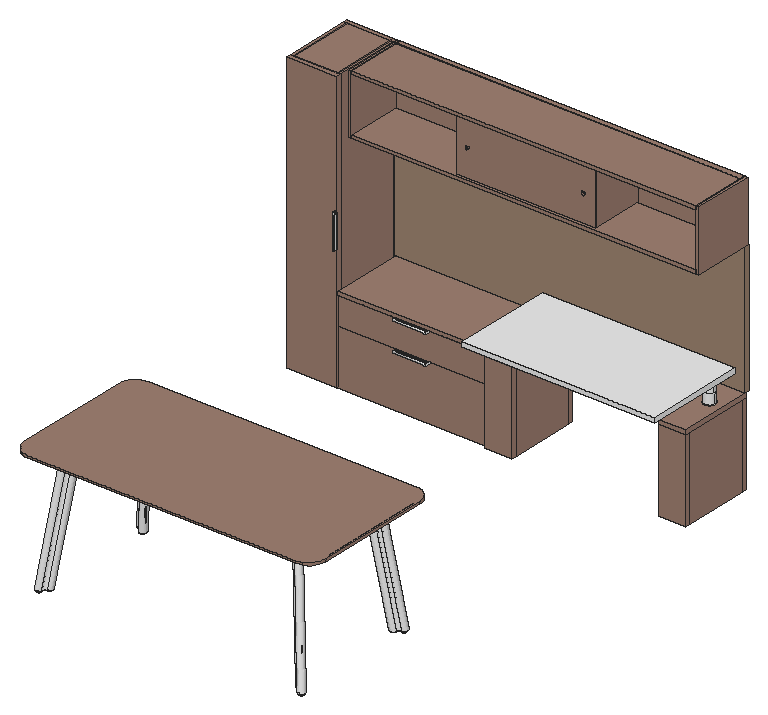
Revit family "T100232", category Furniture, Revit 2022 (continued)
Definition of nested family "APTOS GLASS OVERLAY RUNOFF WORKSURFACE SOFT RECTANGLE"
  Lines and regions (in)
    sketch lines, not visible
      curve 3: arc (22.62975, -37.36982, 28.375) -> (28.98005, -33.82121, 28.375) -> (31.5, -26.99707, 28.375) r 10.5
      curve 4: arc (-23.17031, -40.51945, 28.375) -> (-0.20159, -39.94352, 28.375) -> (22.62975, -37.36982, 28.375) r 263.61908
      curve 5: arc (22.62975, -10.63018, 28.375) -> (0.1679, -8.08215, 28.375) -> (-22.42966, -7.46787, 28.375) r 263.61908
      curve 6: line (106.84636, -47.69309, 28.375) -> (106.84636, -53.68601, 28.375)
      curve 7: arc (97.79227, -64.08598, 28.375) -> (104.26571, -60.5805, 28.375) -> (106.84636, -53.68601, 28.375) r 10.5
      curve 8: arc (46.69724, -67.1817, 28.375) -> (72.30487, -66.62599, 28.375) -> (97.79227, -64.08598, 28.375) r 330.02122
      curve 9: arc (106.84636, -47.69309, 28.375) -> (104.26571, -40.7986, 28.375) -> (97.79227, -37.29312, 28.375) r 10.5
      curve 10: arc (97.79227, -37.29312, 28.375) -> (72.5868, -34.77032, 28.375) -> (47.26208, -34.18821, 28.375) r 330.02122
      curve 11: arc (135.73717, -57.18439, 28.375) -> (135.76071, -54.02445, 28.375) -> (135.73748, -50.8645, 28.375) r 213.55536
      curve 12: arc (126.5252, -67.44936, 28.375) -> (133.05294, -64.0415, 28.375) -> (135.73717, -57.18439, 28.375) r 10.5
      curve 13: arc (69.33402, -70.5286, 28.375) -> (97.98281, -69.97704, 28.375) -> (126.5252, -67.44936, 28.375) r 414.8885
      curve 14: arc (135.73748, -50.8645, 28.375) -> (133.05575, -44.00919, 28.375) -> (126.53198, -40.59932, 28.375) r 10.5
      curve 15: arc (126.53198, -40.59932, 28.375) -> (98.23858, -38.08002, 28.375) -> (69.83862, -37.52779, 28.375) r 409.58402
      curve 16: arc (132.2734, -56.37243, 28.375) -> (132.7025, -49.4803, 28.375) -> (132.2734, -42.58817, 28.375) r 55.56567
      curve 17: arc (123.06173, -65.50042, 28.375) -> (129.24515, -62.52847, 28.375) -> (132.2734, -56.37243, 28.375) r 10.5
      curve 18: arc (132.2734, -42.58817, 28.375) -> (129.24515, -36.43212, 28.375) -> (123.06173, -33.46017, 28.375) r 10.5
      curve 19: arc (66.5813, -68.97006, 28.375) -> (94.86826, -67.99616, 28.375) -> (123.06173, -65.50042, 28.375) r 525.40977
      curve 20: arc (123.06173, -33.46017, 28.375) -> (95.10843, -30.97924, 28.375) -> (67.06254, -29.99435, 28.375) r 525.40977
    sketch lines
      curve 21: line (35, -40.5, 28.375) -> (-27.5, -40.5, 28.375)
      curve 22: arc (35, -40.5, 28.375) -> (36.76777, -39.76777, 28.375) -> (37.5, -38, 28.375) r 2.5
      curve 23: line (37.5, -10, 28.375) -> (37.5, -38, 28.375)
      curve 24: arc (37.5, -10, 28.375) -> (36.76777, -8.23223, 28.375) -> (35, -7.5, 28.375) r 2.5
      curve 25: line (-27.5, -7.5, 28.375) -> (35, -7.5, 28.375)
  Dimensions and locks (in)
    "Height": plane 7 "Height Top" to plane 8
    "Bottom Board Offset": plane 8 to level
    "Depth": plane 5 "Front End" to plane 1 "Back End"
    equal spacing: plane 4 "Left End", plane 3 "Center Left/Right", plane 6 "Right End"
    "Width": plane 4 "Left End" to plane 6 "Right End"
    equal spacing: plane 5 "Front End", plane 9 "Center Front/Back", plane 1 "Back End"
    plane 7 "Height Top" to plane 10 to plane 8 = 0' - 0 9/16", 0' - 1 1/8"
    locked: plane 4 "Left End" to plane 11 at 11.5
    aligned and locked: level to plane 2
    aligned and locked: plane 1 "Back End" to Extrusion 15 sketch curve
    aligned and locked: Extrusion 15 sketch curve to plane 4 "Left End"
    aligned and locked: Extrusion 15 sketch curve to plane 5 "Front End"
    aligned and locked: plane 6 "Right End" to Extrusion 15 sketch curve
    aligned and locked: plane 7 "Height Top" to Extrusion 15
    aligned and locked: Extrusion 15 to plane 10
    aligned and locked: plane 10 to Extrusion 16
    aligned and locked: Extrusion 16 to plane 8
  Automatic sketch dimensions
    Extrusion 1 sketch curve to Extrusion 1 sketch curve = 0' - 0"  (x7)
    Extrusion 1 sketch curve to Extrusion 1 sketch curve = 0' - 8.99297"
    Extrusion 2 sketch curve to Extrusion 2 sketch curve = 0' - 0"  (x3)
    Extrusion 2 sketch curve to Extrusion 2 sketch curve = 0' - 1.62975"  (x2)
    Sweep 3 sketch curve to profile plane = 0' - 0 3/4"  (x2)
    Sweep 3 sketch curve to profile plane = 0' - 0"
    profile plane to Sweep 3 sketch curve = 0' - 0"
    Extrusion 1 sketch curve to Extrusion 1 sketch curve = 5' - 5.81498"
    Extrusion 1 sketch curve to Extrusion 1 sketch curve = 0' - 8.7985"
    Extrusion 1 sketch curve to Extrusion 1 sketch curve = 0' - 0.19448"  (x2)
    Extrusion 1 sketch curve to Extrusion 1 sketch curve = 0' - 5.72878"  (x2)
    Extrusion 1 sketch curve to Extrusion 1 sketch curve = 1' - 0"
    Extrusion 1 sketch curve to Extrusion 1 sketch curve = 0' - 1.86257"  (x2)
    Extrusion 1 sketch curve to Extrusion 1 sketch curve = 14' - 2.87494"
    Extrusion 2 sketch curve to Extrusion 2 sketch curve = 4' - 4.95747"
    Extrusion 2 sketch curve to Extrusion 2 sketch curve = 0' - 3.16978"  (x2)
    Extrusion 2 sketch curve to Extrusion 2 sketch curve = 0' - 10 1/2"
    Extrusion 2 sketch curve to Extrusion 2 sketch curve = 0' - 5.99415"
    Extrusion 4 sketch curve to Extrusion 4 sketch curve = 0' - 0"  (x7)
    Extrusion 4 sketch curve to Extrusion 4 sketch curve = 0' - 8.99303"  (x2)
    Extrusion 4 sketch curve to Extrusion 4 sketch curve = 1' - 0"
    Extrusion 4 sketch curve to Extrusion 4 sketch curve = 0' - 1.65247"  (x2)
    Extrusion 4 sketch curve to Extrusion 4 sketch curve = 0' - 8.80143"
    Extrusion 5 sketch curve to Extrusion 5 sketch curve = 0' - 10 1/2"
    Extrusion 5 sketch curve to Extrusion 5 sketch curve = 0' - 0"  (x3)
    Extrusion 5 sketch curve to Extrusion 5 sketch curve = 0' - 1.44592"  (x2)
    Sweep 6 sketch curve to profile plane = 0' - 0"  (x2)
    Sweep 6 sketch curve to profile plane = 0' - 0 3/4"  (x2)
    Extrusion 4 sketch curve to Extrusion 4 sketch curve = 4' - 11.85903"
    Extrusion 4 sketch curve to Extrusion 4 sketch curve = 0' - 0.1916"
    Extrusion 4 sketch curve to Extrusion 4 sketch curve = 0' - 7.05754"  (x2)
    Extrusion 4 sketch curve to Extrusion 4 sketch curve = 13' - 8.83242"
    Extrusion 5 sketch curve to Extrusion 5 sketch curve = 4' - 11"
    Extrusion 5 sketch curve to Extrusion 5 sketch curve = 0' - 4.49993"  (x2)
    Extrusion 5 sketch curve to Extrusion 5 sketch curve = 0' - 5.99293"
    Extrusion 7 sketch curve to Extrusion 7 sketch curve = 0' - 0"  (x9)
    Extrusion 7 sketch curve to Extrusion 7 sketch curve = 0' - 7.93727"  (x2)
    Extrusion 7 sketch curve to Extrusion 7 sketch curve = 0' - 0.04992"  (x2)
    Extrusion 7 sketch curve to Extrusion 7 sketch curve = 0' - 7.47874"
    Extrusion 7 sketch curve to Extrusion 7 sketch curve = 3' - 7.34724"
    Extrusion 8 sketch curve to Extrusion 8 sketch curve = 0' - 4.79406"
    Extrusion 8 sketch curve to Extrusion 8 sketch curve = 0' - 0"  (x5)
    Extrusion 8 sketch curve to Extrusion 8 sketch curve = 0' - 1.33603"  (x2)
    Extrusion 7 sketch curve to Extrusion 7 sketch curve = 0' - 5.28992"
    Extrusion 7 sketch curve to Extrusion 7 sketch curve = 0' - 2.69727"
    Extrusion 7 sketch curve to Extrusion 7 sketch curve = 0' - 1.52689"  (x2)
    Extrusion 7 sketch curve to Extrusion 7 sketch curve = 0' - 11.90152"  (x2)
    Extrusion 7 sketch curve to Extrusion 7 sketch curve = 3' - 4.43555"
    Extrusion 8 sketch curve to Extrusion 8 sketch curve = 0' - 5 85/256"  (x2)
    Extrusion 8 sketch curve to Extrusion 8 sketch curve = 3' - 7.34724"
    Extrusion 8 sketch curve to Extrusion 8 sketch curve = 0' - 10.41383"  (x2)
    Extrusion 8 sketch curve to Extrusion 8 sketch curve = 3' - 2.94175"
    Extrusion 9 sketch curve to Extrusion 9 sketch curve = 0' - 0"  (x8)
    Extrusion 9 sketch curve to Extrusion 9 sketch curve = 0' - 0.06589"
    Extrusion 9 sketch curve to Extrusion 9 sketch curve = 0' - 8.81974"
    Extrusion 9 sketch curve to Extrusion 9 sketch curve = 0' - 8.82937"
    Extrusion 9 sketch curve to Extrusion 9 sketch curve = 0' - 0.15949"
    Extrusion 9 sketch curve to Extrusion 9 sketch curve = 0' - 1.4707"
    Extrusion 9 sketch curve to Extrusion 9 sketch curve = 0' - 0.17204"
    Extrusion 9 sketch curve to Extrusion 9 sketch curve = 4' - 8.78088"
    Extrusion 9 sketch curve to Extrusion 9 sketch curve = 0' - 0.00029"
    Extrusion 9 sketch curve to Extrusion 9 sketch curve = 0' - 1.47812"
    Extrusion 10 sketch curve to Extrusion 10 sketch curve = 0' - 0.00029"
    Extrusion 10 sketch curve to Extrusion 10 sketch curve = 0' - 1.28687"
    Extrusion 10 sketch curve to Extrusion 10 sketch curve = 0' - 1.29336"
    Extrusion 10 sketch curve to Extrusion 10 sketch curve = 0' - 0"  (x4)
    Extrusion 10 sketch curve to Extrusion 10 sketch curve = 0' - 10.49884"
    Extrusion 10 sketch curve to Extrusion 10 sketch curve = 0' - 0.0003"
    Sweep 11 sketch curve to profile plane = 0' - 0 3/4"
    Sweep 11 sketch curve to profile plane = 0' - 0"
    profile plane to Sweep 11 sketch curve = 0' - 0"
    Sweep 11 sketch curve to Sweep 11 sketch curve = 0' - 0 3/4"
    Extrusion 9 sketch curve to Extrusion 9 sketch curve = 11' - 5.19735"
    Extrusion 9 sketch curve to Extrusion 9 sketch curve = 0' - 7.45461"
    Extrusion 9 sketch curve to Extrusion 9 sketch curve = 0' - 7.7827"
    Extrusion 9 sketch curve to Extrusion 9 sketch curve = 0' - 11.99868"
    Extrusion 9 sketch curve to Extrusion 9 sketch curve = 0' - 0.00031"
    Extrusion 10 sketch curve to Extrusion 10 sketch curve = 12' - 4.55537"
    Extrusion 10 sketch curve to Extrusion 10 sketch curve = 0' - 4.91633"
    Extrusion 10 sketch curve to Extrusion 10 sketch curve = 0' - 5.31995"
    Extrusion 10 sketch curve to Extrusion 10 sketch curve = 4' - 6.47762"
    Extrusion 10 sketch curve to Extrusion 10 sketch curve = 2' - 9.03318"
    Extrusion 12 sketch curve to Extrusion 12 sketch curve = 0' - 0"  (x8)
    Extrusion 12 sketch curve to Extrusion 12 sketch curve = 0' - 7.9294"  (x2)
    Extrusion 12 sketch curve to Extrusion 12 sketch curve = 0' - 0.03722"  (x2)
    Extrusion 12 sketch curve to Extrusion 12 sketch curve = 0' - 1.3797"  (x2)
    Extrusion 12 sketch curve to Extrusion 12 sketch curve = 0' - 11.90733"  (x2)
    Extrusion 12 sketch curve to Extrusion 12 sketch curve = 1' - 0.0702"
    Extrusion 12 sketch curve to Extrusion 12 sketch curve = 3' - 8.71766"
    Extrusion 13 sketch curve to Extrusion 13 sketch curve = 0' - 9.41371"
    Extrusion 13 sketch curve to Extrusion 13 sketch curve = 0' - 0"  (x5)
    Extrusion 13 sketch curve to Extrusion 13 sketch curve = 0' - 1.20724"  (x2)
    Extrusion 13 sketch curve to Extrusion 13 sketch curve = 0' - 10.41892"  (x2)
    Extrusion 13 sketch curve to Extrusion 13 sketch curve = 1' - 7.47998"
    Sweep 14 sketch curve to profile plane = 0' - 0 3/4"
    Sweep 14 sketch curve to profile plane = 0' - 0"
    profile plane to Sweep 14 sketch curve = 0' - 0"
    profile plane to Sweep 14 sketch curve = 0' - 0 3/4"
    Extrusion 12 sketch curve to Extrusion 12 sketch curve = 1' - 7.9996"
    Extrusion 12 sketch curve to Extrusion 12 sketch curve = 0' - 2.4512"  (x2)
    Extrusion 12 sketch curve to Extrusion 12 sketch curve = 2' - 4.49889"
    Extrusion 13 sketch curve to Extrusion 13 sketch curve = 0' - 5.07049"  (x2)
    Extrusion 13 sketch curve to Extrusion 13 sketch curve = 3' - 8.71766"
    plane 5 "Front End" to Extrusion 15 sketch curve = 0' - 4"  (x2)
    plane 4 "Left End" to Extrusion 15 sketch curve = 0' - 4"
    plane 6 "Right End" to Extrusion 15 sketch curve = 0' - 4"
    plane 5 "Front End" to Extrusion 16 sketch curve = 0' - 1 1/2"
    plane 1 "Back End" to Extrusion 16 sketch curve = 0' - 1 1/2"
    plane 6 "Right End" to Extrusion 16 sketch curve = 0' - 4"  (x2)
    plane 6 "Right End" to Extrusion 16 sketch curve = 0' - 1 1/2"
    Extrusion 16 sketch curve to plane 11 = 0' - 0"
    Sweep 17 sketch curve to profile plane = 0' - 0 3/4"  (x2)
    Sweep 17 sketch curve to profile plane = 0' - 0"
    profile plane to Sweep 17 sketch curve = 0' - 0"
Definition of nested family "APTOS 18D LOW HEIGHT MODULAR CABINET TOP"
  Parameters (values of type "APTOS 18D LOW HEIGHT MODULAR CABINET TOP 30" Width")
    Width = 2' - 6"
    URL = "http://ofsbrands.com"
    Table Material = none
    Depth = 1' - 6"
    Model = "34-L3018MCT"
    Manufacturer = "OFS"
    Height = 0' - 0 3/4"
    Description = "OFS BRANDS OFS APTOS 18D LOW HEIGHT MODULAR CABINET TOP 30\" Width, 0.75\" thick with Square Profile on User Side"
    Default Elevation = 0' - 0"
    Copyright © = "© OFS BRANDS 2017"
    Catalog = "APTOS http://ofsbrands.com/products/casegoods/private-office/aptos"
    Bottom Board Offset = 1' - 9 1/2"
    Authoring Version = "Autodesk Revit Architecture 2013"
    Assembly Code = "E2020200"
  Types (13): name | Width | Model | Description
    (no name) | 2' - 6" | "34-L3018MCT" | "OFS BRANDS OFS APTOS 18D LOW HEIGHT MODULAR CABINET TOP 30\" Width, 0.75\" thick with Square Profile on User Side"
    APTOS 18D LOW HEIGHT MODULAR CABINET TOP 30" Width | 2' - 6" | "34-L3018MCT" | "OFS BRANDS OFS APTOS 18D LOW HEIGHT MODULAR CABINET TOP 30\" Width, 0.75\" thick with Square Profile on User Side"
    APTOS 18D LOW HEIGHT MODULAR CABINET TOP 36" Width | 3' - 0" | "34-L3618MCT" | "OFS BRANDS OFS APTOS 18D LOW HEIGHT MODULAR CABINET TOP 36\" Width, 0.75\" thick with Square Profile on User Side"
    APTOS 18D LOW HEIGHT MODULAR CABINET TOP 42" Width | 3' - 6" | "34-L4218MCT" | "OFS BRANDS OFS APTOS 18D LOW HEIGHT MODULAR CABINET TOP 42\" Width, 0.75\" thick with Square Profile on User Side"
    APTOS 18D LOW HEIGHT MODULAR CABINET TOP 48" Width | 4' - 0" | "34-L4818MCT" | "OFS BRANDS OFS APTOS 18D LOW HEIGHT MODULAR CABINET TOP 48\" Width, 0.75\" thick with Square Profile on User Side"
    APTOS 18D LOW HEIGHT MODULAR CABINET TOP 54" Width | 4' - 6" | "34-L5418MCT" | "OFS BRANDS OFS APTOS 18D LOW HEIGHT MODULAR CABINET TOP 54\" Width, 0.75\" thick with Square Profile on User Side"
    APTOS 18D LOW HEIGHT MODULAR CABINET TOP 60" Width | 5' - 0" | "34-L6018MCT" | "OFS BRANDS OFS APTOS 18D LOW HEIGHT MODULAR CABINET TOP 60\" Width, 0.75\" thick with Square Profile on User Side"
    APTOS 18D LOW HEIGHT MODULAR CABINET TOP 66" Width | 5' - 6" | "34-L6618MCT" | "OFS BRANDS OFS APTOS 18D LOW HEIGHT MODULAR CABINET TOP 66\" Width, 0.75\" thick with Square Profile on User Side"
    APTOS 18D LOW HEIGHT MODULAR CABINET TOP 72" Width | 6' - 0" | "34-L7218MCT" | "OFS BRANDS OFS APTOS 18D LOW HEIGHT MODULAR CABINET TOP 72\" Width, 0.75\" thick with Square Profile on User Side"
    APTOS 18D LOW HEIGHT MODULAR CABINET TOP 78" Width | 6' - 6" | "34-L7818MCT" | "OFS BRANDS OFS APTOS 18D LOW HEIGHT MODULAR CABINET TOP 78\" Width, 0.75\" thick with Square Profile on User Side"
    APTOS 18D LOW HEIGHT MODULAR CABINET TOP 84" Width | 7' - 0" | "34-L8418MCT" | "OFS BRANDS OFS APTOS 18D LOW HEIGHT MODULAR CABINET TOP 84\" Width, 0.75\" thick with Square Profile on User Side"
    APTOS 18D LOW HEIGHT MODULAR CABINET TOP 90" Width | 7' - 6" | "34-L9018MCT" | "OFS BRANDS OFS APTOS 18D LOW HEIGHT MODULAR CABINET TOP 90\" Width, 0.75\" thick with Square Profile on User Side"
    APTOS 18D LOW HEIGHT MODULAR CABINET TOP 96" Width | 8' - 0" | "34-L9618MCT" | "OFS BRANDS OFS APTOS 18D LOW HEIGHT MODULAR CABINET TOP 96\" Width, 0.75\" thick with Square Profile on User Side"
  Reference planes (in)
    plane 1 "Back End": y = -15
    plane 2: z = 0
    plane 3 "Center Left/Right": x = 0
    plane 4 "Left End": x = -15
    plane 5 "Front End": y = -33
    plane 6 "Right End": x = 15
    plane 7 "Height Top": z = 22.25
    plane 8: z = 21.5
    plane 9 "Center Front/Back": y = -24
  Forms (in)
    Extrusion 1, solid, material <- "Table Material"
      sketch origin (0, 0, 0) x (1, 0, 0) y (0, 1, 0)
        loop
          line (-15, -15) -> (-15, -33) -> (15, -33) -> (15, -15) -> (-15, -15)
      from 21.5 to 22.25
  Dimensions and locks (in)
    "Height": plane 7 "Height Top" to plane 8
    "Bottom Board Offset": plane 8 to level
    "Depth": plane 5 "Front End" to plane 1 "Back End"
    equal spacing: plane 4 "Left End", plane 3 "Center Left/Right", plane 6 "Right End"
    "Width": plane 4 "Left End" to plane 6 "Right End"
    equal spacing: plane 5 "Front End", plane 9 "Center Front/Back", plane 1 "Back End"
    aligned and locked: level to plane 2
    aligned and locked: plane 1 "Back End" to Extrusion 1 sketch curve
    aligned and locked: Extrusion 1 sketch curve to plane 4 "Left End"
    aligned and locked: plane 5 "Front End" to Extrusion 1 sketch curve
    aligned and locked: plane 6 "Right End" to Extrusion 1 sketch curve
    aligned and locked: plane 7 "Height Top" to Extrusion 1
    aligned and locked: Extrusion 1 to plane 8
Definition of nested family "APTOS LOW HEIGHT MODULAR PEDESTAL BOX-FILE 18IN Depth"
  Parameters (values of type "APTOS LOW HEIGHT MODULAR PEDESTAL BOX/FILE 36"")
    Width = 3' - 0"
    URL = "http://ofsbrands.com"
    Shelf Height = 1' - 1 3/16"
    Handle Lengh = 0' - 8"
    Drawer Gap = 0' - 0 1/8"
    Door Handle Material = none
    Default Elevation = 0' - 0"
    Board Thick Door = 0' - 1 1/8"
    Depth = 1' - 4 5/8"
    Board Material = none
    Model = "34-L3618MPD8"
    Manufacturer = "OFS"
    Leg Caps Material = none
    Leg Offset = 0' - 2"
    Height = 1' - 9 1/2"
    Description = "OFS BRANDS OFS APTOS APTOS LOW HEIGHT MODULAR PEDESTAL BOX/FILE 36\" One Box Drawer, One Lateral File Drawer"
    Copyright © = "© OFS BRANDS 2017"
    Catalog = "APTOS http://ofsbrands.com/products/casegoods/private-office/aptos"
    Bottom Board Offset = 0' - 1 1/2"
    Board Thick Top and Bot = 0' - 1"
    Board Thick Shelfs = 0' - 1"
    Board Thick Sides = 0' - 0 3/4"
    Board Thick Front = 0' - 0 3/4"
    Board Thick Back = 0' - 0 3/4"
    Authoring Version = "Autodesk Revit Architecture 2013"
    Assembly Code = "E2020200"
  Types (3): name | Width | Model | Description
    (no name) | 3' - 0" | "34-L3618MPD8" | "OFS BRANDS OFS APTOS APTOS LOW HEIGHT MODULAR PEDESTAL BOX/FILE 36\" One Box Drawer, One Lateral File Drawer"
    APTOS LOW HEIGHT MODULAR PEDESTAL BOX/FILE 30" | 2' - 6" | "34-L3018MPD8" | "OFS BRANDS OFS APTOS APTOS LOW HEIGHT MODULAR PEDESTAL BOX/FILE 30\" One Box Drawer, One Lateral File Drawer"
    APTOS LOW HEIGHT MODULAR PEDESTAL BOX/FILE 36" | 3' - 0" | "34-L3618MPD8" | "OFS BRANDS OFS APTOS APTOS LOW HEIGHT MODULAR PEDESTAL BOX/FILE 36\" One Box Drawer, One Lateral File Drawer"
  Reference planes (in)
    plane 1 "Center Front/Back": y = 0
    plane 2: z = 0
    plane 3 "Center Left/Right": x = 0
    plane 4 "Left End": x = -18
    plane 5 "Front End": y = -15.5
    plane 6 "Right End": x = 18
    plane 7 "Back End": y = 0
    plane 8 "Height Top": z = 21.5
    plane 9: x = -17.25
    plane 10: x = 17.25
    plane 11: z = 14.6875
    plane 12: z = 15.6875
    plane 13: z = 1.5
    plane 14: z = 2.5
    plane 15: y = -14.75
    plane 16: y = -2
    plane 17: y = -2
    plane 18: y = -13.5
    plane 19: y = -13.5
    plane 20: x = -16
    plane 21: x = 16
    plane 22: x = 16
    plane 23: x = -16
    plane 24: y = -16.625
    plane 25: z = 14.8125
    plane 26: x = -4
    plane 27: x = 4
    plane 28: y = -0.75
  Forms (in)
    Extrusion 1, solid, material <- "Board Material"
      sketch origin (0, 0, 0) x (1, 0, 0) y (0, 1, 0)
        loop
          line (-18, 0) -> (-18, -15.5) -> (-17.25, -15.5) -> (-17.25, 0) -> (-18, 0)
      from 1.5 to 21.5
    Extrusion 2, solid, material <- "Board Material"
      sketch origin (0, 0, 0) x (-1, 0, 0) y (0, -1, 0)
        loop
          line (-18, 0) -> (-17.25, 0) -> (-17.25, 15.5) -> (-18, 15.5) -> (-18, 0)
      from 1.5 to 21.5
    Extrusion 3, solid, material <- "Board Material"
      sketch origin (0, 0, 0) x (1, 0, 0) y (0, 1, 0)
        loop
          line (-17.25, 0) -> (-17.25, -15.5) -> (17.25, -15.5) -> (17.25, 0) -> (-17.25, 0)
      from 1.5 to 2.5
    Revolve 4, solid, material <- "Leg Caps Material"
      sketch origin (0, -2, 0) x (-1, 0, 0) y (0, 0, 1)
        loop
          line (15, 0.28743) -> (15.5, 0.28743)
          arc (15.5, 0.28743) -> (15.35629, 0.14371) -> (15.5, 0) r 0.14371
          line (15.5, 0) -> (16, 0) -> (16, 1.5) -> (15, 1.5) -> (15, 0.28743)
        axis (16, 1.5) -> (16, 0)
      angle from 0 to 360
    Revolve 5, solid, material <- "Leg Caps Material"
      sketch origin (0, -2, 0) x (1, 0, 0) y (0, 0, -1)
        loop
          line (15, -0.28743) -> (15, -1.5) -> (16, -1.5) -> (16, 0) -> (15.5, 0)
          arc (15.5, 0) -> (15.35629, -0.14371) -> (15.5, -0.28743) r 0.14371
          line (15.5, -0.28743) -> (15, -0.28743)
        axis (16, -1.5) -> (16, 0)
      angle from 0 to 360
    Revolve 6, solid, material <- "Leg Caps Material"
      sketch origin (0, -13.5, 0) x (-1, 0, 0) y (0, 0, -1)
        loop
          line (15, -0.28743) -> (15, -1.5) -> (16, -1.5) -> (16, 0) -> (15.5, 0)
          arc (15.5, 0) -> (15.35629, -0.14371) -> (15.5, -0.28743) r 0.14371
          line (15.5, -0.28743) -> (15, -0.28743)
        axis (16, -1.5) -> (16, 0)
      angle from 0 to 360
    Revolve 7, solid, material <- "Leg Caps Material"
      sketch origin (0, -13.5, 0) x (1, 0, 0) y (0, 0, 1)
        loop
          line (15, 0.28743) -> (15.5, 0.28743)
          arc (15.5, 0.28743) -> (15.35629, 0.14371) -> (15.5, 0) r 0.14371
          line (15.5, 0) -> (16, 0) -> (16, 1.5) -> (15, 1.5) -> (15, 0.28743)
        axis (16, 1.5) -> (16, 0)
      angle from 0 to 360
    Extrusion 8, solid, material <- "Board Material"
      sketch origin (0, 27.875, 0) x (1, 0, 0) y (0, 1, 0)
        loop
          line (-17.25, -27.875) -> (-17.25, -28.625) -> (17.25, -28.625) -> (17.25, -27.875) -> (-17.25, -27.875)
      from 2.5 to 21.5
    Extrusion 9, solid, material <- "Board Material"
      sketch origin (0, 0, 0) x (1, 0, 0) y (0, 1, 0)
        loop
          line (18, -15.5) -> (-18, -15.5) -> (-18, -16.625) -> (18, -16.625) -> (18, -15.5)
      from 1.5 to 14.6875
    Extrusion 10, solid, material <- "Board Material"
      sketch origin (0, 0, 0) x (1, 0, 0) y (0, 1, 0)
        loop
          line (18, -15.5) -> (-18, -15.5) -> (-18, -16.625) -> (18, -16.625) -> (18, -15.5)
      from 14.8125 to 21.5
    Extrusion 11, solid, material <- "Door Handle Material"
      sketch origin (0, 7.01942, -2.70267) x (0, 1, 0) y (0, 0, 1)
        loop
          arc (-24.44863, 17.3872) -> (-24.63506, 17.20076) -> (-24.44863, 17.01433) r 0.18644
          arc (-24.44863, 17.01433) -> (-24.36853, 17.01913) -> (-24.28958, 17.03348) r 0.66994
          arc (-24.28958, 17.03348) -> (-24.06675, 17.06125) -> (-23.84329, 17.03915) r 1.01098
          arc (-23.84329, 17.03915) -> (-23.74439, 17.02301) -> (-23.64442, 17.01609) r 1.08212
          line (-23.64442, 17.01609) -> (-23.64442, 17.39017)
          arc (-23.64442, 17.39017) -> (-23.74475, 17.37561) -> (-23.84329, 17.35174) r 1.08374
          arc (-23.84329, 17.35174) -> (-24.06697, 17.32316) -> (-24.28958, 17.35914) r 0.78757
          arc (-24.28958, 17.35914) -> (-24.36779, 17.38063) -> (-24.44863, 17.3872) r 0.43385
      from -4 to 4
    Extrusion 12, solid, material <- "Door Handle Material"
      sketch origin (0, 7.01942, 4.85983) x (0, 1, 0) y (0, 0, 1)
        loop
          arc (-24.44863, 16.6372) -> (-24.63506, 16.45076) -> (-24.44863, 16.26433) r 0.18644
          arc (-24.44863, 16.26433) -> (-24.36853, 16.26913) -> (-24.28958, 16.28348) r 0.66994
          arc (-24.28958, 16.28348) -> (-24.06675, 16.31125) -> (-23.84329, 16.28915) r 1.01098
          arc (-23.84329, 16.28915) -> (-23.74439, 16.27301) -> (-23.64442, 16.26609) r 1.08212
          line (-23.64442, 16.26609) -> (-23.64442, 16.64017)
          arc (-23.64442, 16.64017) -> (-23.74475, 16.62561) -> (-23.84329, 16.60174) r 1.08374
          arc (-23.84329, 16.60174) -> (-24.06697, 16.57316) -> (-24.28958, 16.60914) r 0.78757
          arc (-24.28958, 16.60914) -> (-24.36779, 16.63063) -> (-24.44863, 16.6372) r 0.43385
      from -4 to 4
  Dimensions and locks (in)
    equal spacing: plane 4 "Left End", plane 3 "Center Left/Right", plane 6 "Right End"
    "Width": plane 4 "Left End" to plane 6 "Right End"
    "Height": plane 8 "Height Top" to level
    "Board Thick Sides": plane 4 "Left End" to plane 9
    "Board Thick Sides": plane 10 to plane 6 "Right End"
    "Board Thick Shelfs": plane 12 to plane 11
    "Board Thick Top and Bot": plane 14 to plane 13
    "Bottom Board Offset": plane 13 to level
    "Board Thick Front": plane 15 to plane 5 "Front End"
    "Leg Offset": plane 18 to plane 5 "Front End"
    "Leg Offset": plane 19 to plane 5 "Front End"
    "Leg Offset": plane 16 to plane 7 "Back End"
    "Leg Offset": plane 17 to plane 7 "Back End"
    "Leg Offset": plane 4 "Left End" to plane 20
    "Leg Offset": plane 21 to plane 6 "Right End"
    "Leg Offset": plane 22 to plane 6 "Right End"
    "Leg Offset": plane 4 "Left End" to plane 23
    "Board Thick Door": plane 24 to plane 5 "Front End"
    "Shelf Height": plane 12 to plane 14
    "Drawer Gap": plane 25 to plane 11
    "Handle Lengh": plane 26 to plane 27
    "Board Thick Back": plane 28 to plane 1 "Center Front/Back"
    "Depth": plane 24 to plane 1 "Center Front/Back"
    equal spacing: plane 26, plane 3 "Center Left/Right", plane 27
    aligned and locked: level to plane 2
    aligned and locked: plane 5 "Front End" to Extrusion 1 sketch curve
    aligned and locked: plane 4 "Left End" to Extrusion 1 sketch curve
    aligned and locked: Extrusion 1 sketch curve to plane 9
    aligned and locked: Extrusion 2 to plane 5 "Front End"
    aligned and locked: plane 10 to Extrusion 2
    aligned and locked: Extrusion 2 to plane 6 "Right End"
    aligned and locked: plane 13 to Extrusion 2
    aligned and locked: plane 10 to Extrusion 3 sketch curve
    aligned and locked: plane 9 to Extrusion 3 sketch curve
    aligned and locked: plane 17 to Revolve 4
    aligned and locked: Revolve 5 to plane 16
    aligned and locked: plane 19 to Revolve 7
    aligned and locked: Revolve 6 to plane 18
    aligned and locked: Extrusion 3 to plane 14
    aligned and locked: Extrusion 3 to plane 13
    aligned and locked: Extrusion 9 to plane 13
    aligned and locked: Extrusion 9 to plane 6 "Right End"
    aligned and locked: Extrusion 10 to plane 6 "Right End"
    aligned and locked: Extrusion 9 to plane 11
    aligned and locked: Extrusion 10 to plane 25
    aligned and locked: Extrusion 11 to plane 27
    aligned and locked: Extrusion 11 to plane 26
    aligned and locked: Extrusion 8 to plane 28
    aligned and locked: Extrusion 8 to plane 1 "Center Front/Back"
    aligned and locked: Extrusion 1 to plane 1 "Center Front/Back"
    aligned and locked: Extrusion 2 to plane 1 "Center Front/Back"
    aligned and locked: Extrusion 3 to plane 1 "Center Front/Back"
    aligned and locked: Extrusion 1 to plane 13
    aligned and locked: Extrusion 10 to plane 4 "Left End"
    aligned and locked: Extrusion 9 to plane 4 "Left End"
    aligned and locked: plane 8 "Height Top" to Extrusion 10
    aligned and locked: plane 8 "Height Top" to Extrusion 8
    aligned and locked: plane 8 "Height Top" to Extrusion 1
    aligned and locked: plane 8 "Height Top" to Extrusion 2
    aligned and locked: Extrusion 12 to plane 27
    aligned and locked: Extrusion 12 to plane 26
    aligned and locked: Extrusion 8 to plane 10
    aligned and locked: Extrusion 8 to plane 9
    aligned and locked: Extrusion 8 to Extrusion 3
  Automatic sketch dimensions
    plane 1 "Center Front/Back" to Extrusion 1 sketch curve = 0' - 0"
    Extrusion 2 sketch curve to plane 5 "Front End" = 0' - 0"
    Extrusion 2 sketch curve to plane 6 "Right End" = 0' - 0"
    Extrusion 2 sketch curve to plane 10 = 0' - 0"
    plane 1 "Center Front/Back" to Extrusion 2 sketch curve = 0' - 0"
    Extrusion 3 sketch curve to plane 5 "Front End" = 0' - 0"
    plane 1 "Center Front/Back" to Extrusion 3 sketch curve = 0' - 0"
    Revolve 4 sketch curve to plane 13 = 0' - 0"
    Revolve 4 sketch curve to level = 0' - 0"
    plane 20 to Revolve 4 sketch curve = 0' - 0"  (x2)
    level to Revolve 4 sketch curve = 0' - 0.28743"
    Revolve 4 sketch curve to Revolve 4 sketch curve = 0' - 0 1/2"  (x3)
    Revolve 4 sketch curve to Revolve 4 sketch curve = 0' - 0"
    level to Revolve 4 sketch curve = 0' - 0.14371"
    Revolve 4 sketch curve to plane 14 = 0' - 0 1/4"
    Revolve 5 sketch curve to plane 13 = 0' - 0"
    Revolve 5 sketch curve to level = 0' - 0"
    Revolve 5 sketch curve to plane 21 = 0' - 0"  (x2)
    level to Revolve 5 sketch curve = 0' - 0.28743"
    Revolve 5 sketch curve to Revolve 5 sketch curve = 0' - 0 1/2"  (x2)
    Revolve 5 sketch curve to Revolve 5 sketch curve = 0' - 0"  (x2)
    Revolve 5 sketch curve to plane 14 = 0' - 0 1/4"
    Revolve 5 sketch curve to level = 0' - 0 1/2"
    Revolve 6 sketch curve to plane 13 = 0' - 0"
    Revolve 6 sketch curve to level = 0' - 0"
    plane 20 to Revolve 6 sketch curve = 0' - 0"  (x2)
    level to Revolve 6 sketch curve = 0' - 0.28743"
    Revolve 6 sketch curve to plane 20 = 0' - 0 1/2"
    Revolve 6 sketch curve to Revolve 6 sketch curve = 0' - 0 1/2"
    Revolve 6 sketch curve to Revolve 6 sketch curve = 0' - 0"  (x2)
    Revolve 6 sketch curve to plane 14 = 0' - 0 1/4"
    Revolve 6 sketch curve to level = 0' - 0 1/2"
    Revolve 7 sketch curve to plane 13 = 0' - 0"
    Revolve 7 sketch curve to level = 0' - 0"
    Revolve 7 sketch curve to plane 21 = 0' - 0"  (x2)
    level to Revolve 7 sketch curve = 0' - 0.28743"
    Revolve 7 sketch curve to plane 21 = 0' - 0 1/2"
    Revolve 7 sketch curve to Revolve 7 sketch curve = 0' - 0 1/2"  (x2)
    Revolve 7 sketch curve to Revolve 7 sketch curve = 0' - 0"
    level to Revolve 7 sketch curve = 0' - 0.14371"
    Revolve 7 sketch curve to plane 14 = 0' - 0 1/4"
    plane 4 "Left End" to Extrusion 8 sketch curve = 0' - 0 3/4"
    plane 6 "Right End" to Extrusion 8 sketch curve = 0' - 0 3/4"
    Extrusion 8 sketch curve to plane 28 = 0' - 0"
    plane 1 "Center Front/Back" to Extrusion 8 sketch curve = 0' - 0"
    Extrusion 9 sketch curve to plane 4 "Left End" = 0' - 0"
    Extrusion 9 sketch curve to plane 6 "Right End" = 0' - 0"
    plane 24 to Extrusion 9 sketch curve = 0' - 0"
    Extrusion 9 sketch curve to plane 5 "Front End" = 0' - 0"
    Extrusion 10 sketch curve to plane 4 "Left End" = 0' - 0"
    Extrusion 10 sketch curve to plane 6 "Right End" = 0' - 0"
    plane 24 to Extrusion 10 sketch curve = 0' - 0"
    Extrusion 10 sketch curve to plane 5 "Front End" = 0' - 0"
    Extrusion 11 sketch curve to plane 11 = 0' - 0"
    Extrusion 11 sketch curve to plane 24 = 0' - 0"
    Extrusion 11 sketch curve to plane 11 = 0' - 0.37408"
    plane 24 to Extrusion 11 sketch curve = 0' - 0.80421"
    Extrusion 11 sketch curve to Extrusion 11 sketch curve = 0' - 0.00546"
    Extrusion 11 sketch curve to plane 11 = 0' - 0.03103"
    Extrusion 11 sketch curve to Extrusion 11 sketch curve = 0' - 0.15905"  (x2)
    plane 24 to Extrusion 11 sketch curve = 0' - 0.4095"  (x2)
    Extrusion 11 sketch curve to plane 12 = 0' - 0.27955"
    Extrusion 11 sketch curve to plane 11 = 0' - 0.03843"
    plane 24 to Extrusion 11 sketch curve = 0' - 0.19887"
    Extrusion 11 sketch curve to plane 24 = 0' - 0.02468"
    Extrusion 11 sketch curve to plane 24 = 0' - 0.10528"
    Extrusion 11 sketch curve to Extrusion 11 sketch curve = 0' - 0.2612"
    Extrusion 11 sketch curve to Extrusion 11 sketch curve = 0' - 0.40575"
    Extrusion 11 sketch curve to Extrusion 11 sketch curve = 0' - 0.06095"
    Extrusion 11 sketch curve to Extrusion 11 sketch curve = 0' - 0"
    Extrusion 11 sketch curve to Extrusion 11 sketch curve = 0' - 0.01915"
    Extrusion 12 sketch curve to plane 8 "Height Top" = 0' - 0"
    Extrusion 12 sketch curve to plane 24 = 0' - 0"
    Extrusion 12 sketch curve to plane 8 "Height Top" = 0' - 0.37408"
    plane 24 to Extrusion 12 sketch curve = 0' - 0.80421"
    Extrusion 12 sketch curve to Extrusion 12 sketch curve = 0' - 0.00546"
    Extrusion 12 sketch curve to plane 8 "Height Top" = 0' - 0.03103"
    Extrusion 12 sketch curve to Extrusion 12 sketch curve = 0' - 0.15905"  (x2)
    plane 24 to Extrusion 12 sketch curve = 0' - 0.4095"  (x2)
    Extrusion 12 sketch curve to plane 8 "Height Top" = 0' - 0.03843"
    Extrusion 12 sketch curve to Extrusion 12 sketch curve = 0' - 0.19887"
    plane 24 to Extrusion 12 sketch curve = 0' - 0.19887"
    Extrusion 12 sketch curve to plane 24 = 0' - 0.02468"
    Extrusion 12 sketch curve to plane 24 = 0' - 0.10528"
    Extrusion 12 sketch curve to Extrusion 12 sketch curve = 0' - 0.2612"
    Extrusion 12 sketch curve to Extrusion 12 sketch curve = 0' - 0.40575"
    Extrusion 12 sketch curve to Extrusion 12 sketch curve = 0' - 0.06095"
    Extrusion 12 sketch curve to Extrusion 12 sketch curve = 0' - 0"
    Extrusion 12 sketch curve to Extrusion 12 sketch curve = 0' - 0.01915"
Definition of nested family "APTOS WALLMOUNT ORGANIZER WITH CENTER SLIDING GLASS DOOR"
  Parameters (values of type "APTOS WALLMOUNT ORGANIZER WITH CENTER SLIDING GLASS DOOR 96" Width")
    Width = 8' - 0"
    URL = "http://ofsbrands.com"
    Total Height [instance] = 5' - 8 1/4"
    Right Door = yes
    Middle Section Width = 3' - 3"
    Left Door = yes
    Glass Door Material = none
    Door Inset = 0' - 1"
    Default Elevation = 0' - 0"
    Board Thick Door = 0' - 0 1/4"
    Depth = 1' - 2 1/2"
    Board Material = none
    Model = "34-9615WSG1"
    Manufacturer = "OFS"
    Board Thick Internal = 0' - 0 1/4"
    Height = 1' - 2 1/2"
    Description = "OFS BRANDS OFS APTOS WALLMOUNT ORGANIZER WITH CENTER SLIDING GLASS DOOR 96\" Width, One Sliding Glass Door in Center Section"
    Copyright © = "© OFS BRANDS 2017"
    Catalog = "APTOS http://ofsbrands.com/products/casegoods/private-office/aptos"
    Bottom Board Offset = 4' - 5 3/4"
    Board Thick Top and Bot = 0' - 0 3/4"
    Board Thick Sides = 0' - 0 3/4"
    Board Thick Front = 0' - 0 3/4"
    Board Thick Back = 0' - 1 1/8"
    Authoring Version = "Autodesk Revit Architecture 2013"
    Assembly Code = "E2020200"
  Types (6): name | Width | Middle Section Width | Model | Description
    (no name) | 8' - 0" | 3' - 3" | "34-9615WSG1" | "OFS BRANDS OFS APTOS WALLMOUNT ORGANIZER WITH CENTER SLIDING GLASS DOOR 96\" Width, One Sliding Glass Door in Center Section"
    APTOS WALLMOUNT ORGANIZER WITH CENTER SLIDING GLASS DOOR 84" Width | 7' - 0" | 2' - 9" | "34-8415WSG1" | "OFS BRANDS OFS APTOS WALLMOUNT ORGANIZER WITH CENTER SLIDING GLASS DOOR 84\" Width, One Sliding Glass Door in Center Section"
    APTOS WALLMOUNT ORGANIZER WITH CENTER SLIDING GLASS DOOR 90" Width | 7' - 6" | 3' - 0" | "34-9015WSG1" | "OFS BRANDS OFS APTOS WALLMOUNT ORGANIZER WITH CENTER SLIDING GLASS DOOR 90\" Width, One Sliding Glass Door in Center Section"
    APTOS WALLMOUNT ORGANIZER WITH CENTER SLIDING GLASS DOOR 96" Width | 8' - 0" | 3' - 3" | "34-9615WSG1" | "OFS BRANDS OFS APTOS WALLMOUNT ORGANIZER WITH CENTER SLIDING GLASS DOOR 96\" Width, One Sliding Glass Door in Center Section"
    APTOS WALLMOUNT ORGANIZER WITH CENTER SLIDING GLASS DOOR 102" Width | 8' - 6" | 3' - 6" | "34-10215WSG1" | "OFS BRANDS OFS APTOS WALLMOUNT ORGANIZER WITH CENTER SLIDING GLASS DOOR 102\" Width, One Sliding Glass Door in Center Section"
    APTOS WALLMOUNT ORGANIZER WITH CENTER SLIDING GLASS DOOR 108" Width | 9' - 0" | 3' - 9" | "34-10815WSG1" | "OFS BRANDS OFS APTOS WALLMOUNT ORGANIZER WITH CENTER SLIDING GLASS DOOR 108\" Width, One Sliding Glass Door in Center Section"
  Reference planes (in)
    plane 1 "Center Front/Back": y = 0
    plane 2: z = 0
    plane 3 "Center Left/Right": x = 0
    plane 4 "Left End": x = -48
    plane 5 "Front End": y = -13.5
    plane 6 "Right End": x = 48
    plane 7 "Back End": y = 0
    plane 8 "Height Top": z = 68.25
    plane 9: x = -47.25
    plane 10: x = 47.25
    plane 11: z = 67.5
    plane 12: z = 53.75
    plane 13: z = 54.5
    plane 14: y = -12.75
    plane 15: y = -14.5
    plane 16: y = -1.125
    plane 17: y = -13.75
    plane 18: x = 44.75
    plane 19: x = -44.75
    plane 20: z = 61
    plane 21: x = 19.5
    plane 22: x = 19.375
    plane 23: x = 19.625
    plane 24: x = -19.5
    plane 25: x = -19.375
    plane 26: x = -19.625
  Forms (in)
    Extrusion 1, solid, material <- "Board Material"
      sketch origin (0, 0, 0) x (1, 0, 0) y (0, 1, 0)
        loop
          line (-48, 0) -> (-48, -14.5) -> (-47.25, -14.5) -> (-47.25, 0) -> (-48, 0)
      from 53.75 to 68.25
    Extrusion 2, solid, material <- "Board Material"
      sketch origin (0, 0, 0) x (-1, 0, 0) y (0, -1, 0)
        loop
          line (-48, 0) -> (-47.25, 0) -> (-47.25, 14.5) -> (-48, 14.5) -> (-48, 0)
      from 53.75 to 68.25
    Extrusion 3, solid, material <- "Board Material"
      sketch origin (0, 0, 0) x (1, 0, 0) y (0, 1, 0)
        loop
          line (-47.25, -1.125) -> (-47.25, -14.5) -> (47.25, -14.5) -> (47.25, -1.125) -> (-47.25, -1.125)
      from 53.75 to 54.5
    Extrusion 4, solid, material <- "Board Material"
      sketch origin (0, 0, 0) x (1, 0, 0) y (0, 1, 0)
        loop
          line (-47.25, -1.125) -> (-47.25, -14.5) -> (47.25, -14.5) -> (47.25, -1.125) -> (-47.25, -1.125)
      from 67.5 to 68.25
    Extrusion 5, solid, material <- "Board Material"
      sketch origin (0, 0, 0) x (1, 0, 0) y (0, 1, 0)
        loop
          line (19.625, -1.125) -> (19.375, -1.125) -> (19.375, -13.5) -> (19.625, -13.5) -> (19.625, -1.125)
      from 54.5 to 67.5
    Extrusion 6, solid, material <- "Board Material"
      sketch origin (0, 27.875, 0) x (1, 0, 0) y (0, 1, 0)
        loop
          line (-47.25, -27.875) -> (-47.25, -29) -> (47.25, -29) -> (47.25, -27.875) -> (-47.25, -27.875)
      from 53.75 to 68.25
    Extrusion 7, solid, material <- "Glass Door Material", visible <- "Right Door"
      sketch origin (0, 0, 0) x (1, 0, 0) y (0, 1, 0)
        loop
          line (19.625, -13.5) -> (-19.625, -13.5) -> (-19.625, -13.75) -> (19.625, -13.75) -> (19.625, -13.5)
      from 54.5 to 67.5
    Extrusion 8, solid, material <- "Board Material"
      sketch origin (-35.5, 0, 0) x (1, 0, 0) y (0, 1, 0)
        loop
          line (16.125, -1.125) -> (15.875, -1.125) -> (15.875, -13.5) -> (16.125, -13.5) -> (16.125, -1.125)
      from 54.5 to 67.5
    Extrusion 9, void
      sketch origin (12.5503, 0, 1.68758) x (-1, 0, 0) y (0, 0, -1)
        loop
          circle (29.4253, -59.31242) r 0.5
      from 1.125 to 14.5
    Extrusion 10, void
      sketch origin (-12.5503, 0, 1.68758) x (1, 0, 0) y (0, 0, 1)
        loop
          circle (29.4253, 59.31242) r 0.5
      from 1.125 to 14.5
  Cuts and joins
    Extrusion 9, Extrusion 10 cuts Extrusion 6
    Extrusion 9, Extrusion 10 cuts Extrusion 7
  Dimensions and locks (in)
    equal spacing: plane 4 "Left End", plane 3 "Center Left/Right", plane 6 "Right End"
    "Width": plane 4 "Left End" to plane 6 "Right End"
    "Height": plane 8 "Height Top" to plane 12
    "Board Thick Sides": plane 4 "Left End" to plane 9
    "Board Thick Sides": plane 10 to plane 6 "Right End"
    "Board Thick Top and Bot": plane 8 "Height Top" to plane 11
    "Board Thick Top and Bot": plane 13 to plane 12
    "Bottom Board Offset": plane 12 to level
    "Board Thick Front": plane 14 to plane 5 "Front End"
    "Board Thick Back": plane 16 to plane 1 "Center Front/Back"
    "Depth": plane 15 to plane 1 "Center Front/Back"
    "Total Height": plane 8 "Height Top" to level
    "Door Inset": plane 5 "Front End" to plane 15
    "Board Thick Door": plane 5 "Front End" to plane 17
    locked: plane 18 to plane 10 at 2.5
    locked: plane 9 to plane 19 at 2.5
    equal spacing: plane 8 "Height Top", plane 20, plane 12
    equal spacing: plane 22, plane 21, plane 23
    "Board Thick Internal": plane 22 to plane 23
    equal spacing: plane 25, plane 24, plane 26
    "Board Thick Internal": plane 25 to plane 26
    equal spacing: plane 24, plane 3 "Center Left/Right", plane 21
    "Middle Section Width": plane 24 to plane 21
    aligned and locked: level to plane 2
    aligned and locked: plane 4 "Left End" to Extrusion 1 sketch curve
    aligned and locked: Extrusion 1 sketch curve to plane 9
    aligned and locked: plane 10 to Extrusion 2
    aligned and locked: Extrusion 2 to plane 6 "Right End"
    aligned and locked: plane 12 to Extrusion 2
    aligned and locked: plane 10 to Extrusion 3 sketch curve
    aligned and locked: plane 9 to Extrusion 3 sketch curve
    aligned and locked: Extrusion 5 to plane 5 "Front End"
    aligned and locked: Extrusion 3 to plane 13
    aligned and locked: Extrusion 3 to plane 12
    aligned and locked: plane 13 to Extrusion 5
    aligned and locked: Extrusion 5 to plane 11
    aligned and locked: Extrusion 4 to plane 15
    aligned and locked: Extrusion 4 to plane 8 "Height Top"
    aligned and locked: Extrusion 4 to plane 11
    aligned and locked: Extrusion 7 to plane 11
    aligned and locked: Extrusion 6 to plane 16
    aligned and locked: Extrusion 6 to plane 1 "Center Front/Back"
    aligned and locked: Extrusion 2 to plane 1 "Center Front/Back"
    aligned and locked: Extrusion 5 to plane 16
    aligned and locked: Extrusion 2 to plane 8 "Height Top"
    aligned and locked: Extrusion 4 to plane 9
    aligned and locked: Extrusion 4 to plane 10
    aligned and locked: plane 15 to Extrusion 2
    aligned and locked: plane 15 to Extrusion 1
    aligned and locked: Extrusion 7 to plane 13
    aligned and locked: plane 15 to Extrusion 3
    aligned and locked: plane 8 "Height Top" to Extrusion 1
    aligned and locked: Extrusion 1 to plane 12
    aligned and locked: Extrusion 6 to plane 9
    aligned and locked: Extrusion 6 to plane 10
    aligned and locked: Extrusion 7 to plane 17
    aligned and locked: plane 8 "Height Top" to Extrusion 6
    aligned and locked: Extrusion 6 to plane 12
    aligned and locked: plane 16 to Extrusion 3
    aligned and locked: plane 16 to Extrusion 4
    aligned and locked: Extrusion 5 to plane 22
    aligned and locked: plane 23 to Extrusion 5
    aligned and locked: plane 25 to Extrusion 8
    aligned and locked: Extrusion 8 to plane 26
    aligned and locked: Extrusion 8 to plane 13
    aligned and locked: Extrusion 8 to Extrusion 4
    aligned and locked: Extrusion 3 to Extrusion 8
    aligned and locked: Extrusion 8 to plane 5 "Front End"
    aligned and locked: Extrusion 7 to Extrusion 5
    aligned and locked: Extrusion 8 to Extrusion 7
  Automatic sketch dimensions
    Extrusion 1 sketch curve to plane 15 = 0' - 0"
    plane 1 "Center Front/Back" to Extrusion 1 sketch curve = 0' - 0"
    Extrusion 2 sketch curve to plane 6 "Right End" = 0' - 0"
    Extrusion 2 sketch curve to plane 10 = 0' - 0"
    plane 15 to Extrusion 2 sketch curve = 0' - 0"
    plane 1 "Center Front/Back" to Extrusion 2 sketch curve = 0' - 0"
    Extrusion 3 sketch curve to plane 15 = 0' - 0"
    Extrusion 3 sketch curve to plane 16 = 0' - 0"
    Extrusion 4 sketch curve to plane 9 = 0' - 0"
    Extrusion 4 sketch curve to plane 10 = 0' - 0"
    Extrusion 4 sketch curve to plane 15 = 0' - 0"
    Extrusion 4 sketch curve to plane 16 = 0' - 0"
    Extrusion 5 sketch curve to plane 5 "Front End" = 0' - 0"
    Extrusion 5 sketch curve to plane 23 = 0' - 0"
    Extrusion 5 sketch curve to plane 22 = 0' - 0"
    plane 16 to Extrusion 5 sketch curve = 0' - 0"
    Extrusion 6 sketch curve to plane 9 = 0' - 0"
    Extrusion 6 sketch curve to plane 10 = 0' - 0"
    Extrusion 6 sketch curve to plane 16 = 0' - 0"
    plane 1 "Center Front/Back" to Extrusion 6 sketch curve = 0' - 0"
    Extrusion 7 sketch curve to plane 5 "Front End" = 0' - 0"
    Extrusion 7 sketch curve to plane 17 = 0' - 0"
    plane 10 to Extrusion 7 sketch curve = 2' - 3 5/8"
    Extrusion 7 sketch curve to plane 3 "Center Left/Right" = 1' - 7 5/8"
    Extrusion 8 sketch curve to plane 5 "Front End" = 0' - 0"
    Extrusion 8 sketch curve to plane 25 = 0' - 0"
    Extrusion 8 sketch curve to plane 26 = 0' - 0"
    Extrusion 8 sketch curve to plane 16 = 0' - 0"
    Extrusion 9 sketch curve to plane 20 = 0' - 0"
    Extrusion 9 sketch curve to plane 26 = 0' - 2 3/4"
    Extrusion 10 sketch curve to plane 20 = 0' - 0"
    plane 23 to Extrusion 10 sketch curve = 0' - 2 3/4"
    radius of Extrusion 9 sketch curve = 0' - 0 1/2"
    radius of Extrusion 10 sketch curve = 0' - 0 1/2"
Definition of nested family "APTOS ONE PIECE TACKBOARD (Between Low Height and Wallmount)"
  Parameters (values of type "APTOS ONE PIECE TACKBOARD 96" Between Low Height and Wallmount")
    Width = 8' - 0"
    URL = "http://ofsbrands.com"
    Door Handle Material = none
    Depth = 0' - 1"
    Tackboard Material = none
    Model = "FTW2017"
    Manufacturer = "OFS"
    Leg Caps Material = none
    Height = 2' - 7 1/4"
    Description = "OFS BRANDS OFS APTOS ONE PIECE TACKBOARD 96\" WIDTH, Use where Tackboard is Between Low Height and Wallmount"
    Default Elevation = 0' - 0"
    Copyright © = "© OFS BRANDS 2017"
    Catalog = "APTOS http://ofsbrands.com/products/casegoods/private-office/aptos"
    Bottom Board Offset = 1' - 10 1/2"
    Authoring Version = "Autodesk Revit Architecture 2013"
    Assembly Code = "E2020200"
  Types (13): name | Width | Model | Description
    (no name) | 8' - 0" | "FTW2017" | "OFS BRANDS OFS APTOS ONE PIECE TACKBOARD 96\" WIDTH, Use where Tackboard is Between Low Height and Wallmount"
    APTOS ONE PIECE TACKBOARD 30" Between Low Height and Wallmount | 2' - 6" | "FTW2028" | "OFS BRANDS OFS APTOS ONE PIECE TACKBOARD 30\" WIDTH, Use where Tackboard is Between Low Height and Wallmount"
    APTOS ONE PIECE TACKBOARD 36" Between Low Height and Wallmount | 3' - 0" | "FTW2027" | "OFS BRANDS OFS APTOS ONE PIECE TACKBOARD 36\" WIDTH, Use where Tackboard is Between Low Height and Wallmount"
    APTOS ONE PIECE TACKBOARD 42" Between Low Height and Wallmount | 3' - 6" | "FTW2026" | "OFS BRANDS OFS APTOS ONE PIECE TACKBOARD 42\" WIDTH, Use where Tackboard is Between Low Height and Wallmount"
    APTOS ONE PIECE TACKBOARD 48" Between Low Height and Wallmount | 4' - 0" | "FTW2025" | "OFS BRANDS OFS APTOS ONE PIECE TACKBOARD 48\" WIDTH, Use where Tackboard is Between Low Height and Wallmount"
    APTOS ONE PIECE TACKBOARD 54" Between Low Height and Wallmount | 4' - 6" | "FTW2024" | "OFS BRANDS OFS APTOS ONE PIECE TACKBOARD 54\" WIDTH, Use where Tackboard is Between Low Height and Wallmount"
    APTOS ONE PIECE TACKBOARD 60" Between Low Height and Wallmount | 5' - 0" | "FTW2023" | "OFS BRANDS OFS APTOS ONE PIECE TACKBOARD 60\" WIDTH, Use where Tackboard is Between Low Height and Wallmount"
    APTOS ONE PIECE TACKBOARD 66" Between Low Height and Wallmount | 5' - 6" | "FTW2022" | "OFS BRANDS OFS APTOS ONE PIECE TACKBOARD 66\" WIDTH, Use where Tackboard is Between Low Height and Wallmount"
    APTOS ONE PIECE TACKBOARD 72" Between Low Height and Wallmount | 6' - 0" | "FTW2021" | "OFS BRANDS OFS APTOS ONE PIECE TACKBOARD 72\" WIDTH, Use where Tackboard is Between Low Height and Wallmount"
    APTOS ONE PIECE TACKBOARD 78" Between Low Height and Wallmount | 6' - 6" | "FTW2020" | "OFS BRANDS OFS APTOS ONE PIECE TACKBOARD 78\" WIDTH, Use where Tackboard is Between Low Height and Wallmount"
    APTOS ONE PIECE TACKBOARD 84" Between Low Height and Wallmount | 7' - 0" | "FTW2019" | "OFS BRANDS OFS APTOS ONE PIECE TACKBOARD 84\" WIDTH, Use where Tackboard is Between Low Height and Wallmount"
    APTOS ONE PIECE TACKBOARD 90" Between Low Height and Wallmount | 7' - 6" | "FTW2018" | "OFS BRANDS OFS APTOS ONE PIECE TACKBOARD 90\" WIDTH, Use where Tackboard is Between Low Height and Wallmount"
    APTOS ONE PIECE TACKBOARD 96" Between Low Height and Wallmount | 8' - 0" | "FTW2017" | "OFS BRANDS OFS APTOS ONE PIECE TACKBOARD 96\" WIDTH, Use where Tackboard is Between Low Height and Wallmount"
  Reference planes (in)
    plane 1 "Center Front/Back": y = 0
    plane 2: z = 0
    plane 3 "Center Left/Right": x = 0
    plane 4 "Left End": x = -48
    plane 5 "Front End": y = -1
    plane 6 "Right End": x = 48
    plane 7 "Height Top": z = 53.75
    plane 8: z = 22.5
  Forms (in)
    Extrusion 1, solid, material <- "Tackboard Material"
      sketch origin (0, 0, 0) x (1, 0, 0) y (0, 0, 1)
        loop
          line (-48, 53.75) -> (-48, 22.5) -> (48, 22.5) -> (48, 53.75) -> (-48, 53.75)
      from 0 to 1
  Dimensions and locks (in)
    "Height": plane 7 "Height Top" to plane 8
    "Bottom Board Offset": plane 8 to level
    "Depth": plane 5 "Front End" to plane 1 "Center Front/Back"
    equal spacing: plane 4 "Left End", plane 3 "Center Left/Right", plane 6 "Right End"
    "Width": plane 4 "Left End" to plane 6 "Right End"
    aligned and locked: level to plane 2
    aligned and locked: Extrusion 1 sketch curve to plane 7 "Height Top"
    aligned and locked: plane 4 "Left End" to Extrusion 1 sketch curve
    aligned and locked: Extrusion 1 sketch curve to plane 8
    aligned and locked: plane 6 "Right End" to Extrusion 1 sketch curve
    aligned and locked: Extrusion 1 to plane 5 "Front End"
    aligned and locked: Extrusion 1 to plane 1 "Center Front/Back"
Definition of nested family "APTOS DUFOIL LEGS"
  Parameters (values of type "APTOS DUFOIL LEGS")
    Width = 0' - 4"
    URL = "http://ofsbrands.com"
    Door Handle Material = none
    Depth = 0' - 8 3/4"
    Default Elevation = 0' - 0"
    Board Material = none
    Model = "34-DFC"
    Manufacturer = "OFS"
    Leg Caps Material = none
    Plate Thichness = 0' - 0 5/16"
    Description = "OFS BRANDS OFS APTOS DUFOIL LEGS"
    Copyright © = "© OFS BRANDS 2017"
    Catalog = "APTOS http://ofsbrands.com/products/casegoods/private-office/aptos"
    Height = 2' - 4 3/8"
    Authoring Version = "Autodesk Revit Architecture 2013"
    Assembly Code = "E2020200"
  Reference planes (in)
    plane 1 "Center Front/Back": y = 0
    plane 2: z = 0
    plane 3 "Center Left/Right": x = 0
    plane 4 "Left End": x = -2
    plane 5 "Front End": y = -8.75
    plane 6 "Right End": x = 2
    plane 7 "Height Top": z = 28.375
    plane 8: z = 28.0625
  Forms (in)
    Extrusion 1, solid, material <- "Door Handle Material"
      sketch origin (0, 0, 0) x (1, 0, 0) y (0, 1, 0)
        loop
          line (-2, -4.45013) -> (-2, -8.25)
          arc (-2, -8.25) -> (-1.85355, -8.60355) -> (-1.5, -8.75) r 0.5
          line (-1.5, -8.75) -> (1.5, -8.75)
          arc (1.5, -8.75) -> (1.85355, -8.60355) -> (2, -8.25) r 0.5
          line (2, -8.25) -> (2, -4.45013)
          arc (2, -4.45013) -> (1.88793, -4.13467) -> (1.60195, -3.96063) r 0.5
          arc (1.60195, -3.96063) -> (0, -3.79558) -> (-1.60195, -3.96063) r 7.8566
          arc (-1.60195, -3.96063) -> (-1.88793, -4.13467) -> (-2, -4.45013) r 0.5
      from 28.0625 to 28.375
    Extrusion 2, solid, material <- "Door Handle Material"
      sketch origin (0, 0, 0) x (1, 0, 0) y (0, 1, 0)
        loop
          arc (0.61668, -1.3082) -> (0, 0.03333) -> (-0.61668, -1.3082) r 0.8125
          arc (-0.61668, -1.3082) -> (-0.43592, -1.79652) -> (-0.61668, -2.28485) r 0.75
          arc (-0.61668, -2.28485) -> (0, -3.62637) -> (0.61668, -2.28485) r 0.8125
          arc (0.61668, -2.28485) -> (0.43592, -1.79652) -> (0.61668, -1.3082) r 0.75
      from 0.4375 to 0.5625
    Revolve 3, solid, material <- "Leg Caps Material"
      sketch origin (0, -0.80994, 0) x (1, 0, 0) y (0, 0, 1)
        loop
          line (0, 0.4375) -> (-0.28585, 0.4375)
          arc (-0.28585, 0.4375) -> (-0.31047, 0.4326) -> (-0.33134, 0.41866) r 0.06434
          line (-0.33134, 0.41866) -> (-0.53754, 0.21246)
          arc (-0.53754, 0.21246) -> (-0.55601, 0.18481) -> (-0.5625, 0.1522) r 0.08523
          line (-0.5625, 0.1522) -> (-0.5625, 0.08484)
          arc (-0.5625, 0.08484) -> (-0.53765, 0.02485) -> (-0.47766, 0) r 0.08484
          line (-0.47766, 0) -> (0, 0) -> (0, 0.4375)
        axis (0, 0) -> (0, 0.4375)
      angle from 0 to 360
    Blend 4, solid, material <- "Door Handle Material"
      base sketch origin (0, 0, 0) x (1, 0, 0) y (0, 1, 0)
        loop
          arc (0.61668, -2.28485) -> (0.43592, -1.79652) -> (0.61668, -1.3082) r 0.75
          arc (0.61668, -1.3082) -> (0, 0.03333) -> (-0.61668, -1.3082) r 0.8125
          arc (-0.61668, -1.3082) -> (-0.43592, -1.79652) -> (-0.61668, -2.28485) r 0.75
          arc (-0.61668, -2.28485) -> (0, -3.62637) -> (0.61668, -2.28485) r 0.8125
      top sketch origin (0, 0, 0) x (1, 0, 0) y (0, 1, 0)
        loop
          arc (0.61668, -7.03485) -> (0.43592, -6.54652) -> (0.61668, -6.0582) r 0.75
          arc (0.61668, -6.0582) -> (0, -4.71667) -> (-0.61668, -6.0582) r 0.8125
          arc (-0.61668, -6.0582) -> (-0.43592, -6.54652) -> (-0.61668, -7.03485) r 0.75
          arc (-0.61668, -7.03485) -> (0, -8.37637) -> (0.61668, -7.03485) r 0.8125
      from 0.5625 to 28.0625
  Dimensions and locks (in)
    "Plate Thichness": plane 7 "Height Top" to plane 8
    "Height": plane 7 "Height Top" to level
    "Depth": plane 5 "Front End" to plane 1 "Center Front/Back"
    equal spacing: plane 4 "Left End", plane 3 "Center Left/Right", plane 6 "Right End"
    "Width": plane 4 "Left End" to plane 6 "Right End"
    aligned and locked: level to plane 2
    aligned and locked: Extrusion 1 to plane 8
    aligned and locked: plane 7 "Height Top" to Extrusion 1
    aligned and locked: plane 8 to Blend 4
  Automatic sketch dimensions
    Revolve 3 sketch curve to level = 0' - 0"
    Revolve 3 sketch curve to plane 3 "Center Left/Right" = 0' - 0"  (x2)
    level to Revolve 3 sketch curve = 0' - 0.08484"
    Revolve 3 sketch curve to Revolve 3 sketch curve = 0' - 0.28585"
    Revolve 3 sketch curve to Revolve 3 sketch curve = 0' - 0.04549"
    Revolve 3 sketch curve to Revolve 3 sketch curve = 0' - 0.19181"
    level to Revolve 3 sketch curve = 0' - 0.21246"
    Revolve 3 sketch curve to Revolve 3 sketch curve = 0' - 0.02496"
    Revolve 3 sketch curve to Revolve 3 sketch curve = 0' - 0.00039"
    Revolve 3 sketch curve to Revolve 3 sketch curve = 0' - 0.20619"
    Revolve 3 sketch curve to Revolve 3 sketch curve = 0' - 0.01884"
    Revolve 3 sketch curve to Revolve 3 sketch curve = 0' - 0.11062"
    Revolve 3 sketch curve to Revolve 3 sketch curve = 0' - 0.11267"
    Extrusion 1 sketch curve to plane 4 "Left End" = 0' - 0"
    Extrusion 1 sketch curve to plane 5 "Front End" = 0' - 0"
    Extrusion 1 sketch curve to plane 6 "Right End" = 0' - 0"
    plane 5 "Front End" to Extrusion 1 sketch curve = 0' - 0 1/2"
    Extrusion 1 sketch curve to plane 3 "Center Left/Right" = 0' - 0"
    plane 4 "Left End" to Extrusion 1 sketch curve = 0' - 0 1/2"
    plane 4 "Left End" to Extrusion 1 sketch curve = 0' - 0.39805"
    Extrusion 1 sketch curve to Extrusion 1 sketch curve = 0' - 0"  (x2)
    Extrusion 1 sketch curve to Extrusion 1 sketch curve = 0' - 0.10195"
    plane 6 "Right End" to Extrusion 1 sketch curve = 0' - 0.39805"
    Extrusion 1 sketch curve to Extrusion 1 sketch curve = 0' - 3.79987"
    Extrusion 2 sketch curve to plane 3 "Center Left/Right" = 0' - 0"  (x2)
    Extrusion 2 sketch curve to plane 3 "Center Left/Right" = 0' - 0.61668"
    Extrusion 2 sketch curve to Extrusion 2 sketch curve = 0' - 0"  (x4)
    Extrusion 2 sketch curve to Extrusion 2 sketch curve = 0' - 0.56924"
    plane 1 "Center Front/Back" to Extrusion 2 sketch curve = 0' - 2.81387"
    Extrusion 2 sketch curve to Extrusion 2 sketch curve = 0' - 0.52902"  (x2)
    Extrusion 2 sketch curve to Extrusion 2 sketch curve = 0' - 0.48833"
    Blend 4 sketch curve to plane 3 "Center Left/Right" = 0' - 0"  (x4)
    Blend 4 sketch curve to plane 3 "Center Left/Right" = 0' - 0.61668"  (x4)
    Blend 4 sketch curve to Blend 4 sketch curve = 0' - 0"  (x6)
    Blend 4 sketch curve to Blend 4 sketch curve = 0' - 0.56924"  (x2)
    plane 3 "Center Left/Right" to Blend 4 sketch curve = 0' - 0.61668"  (x4)
    plane 1 "Center Front/Back" to Blend 4 sketch curve = 0' - 2.81387"
    Blend 4 sketch curve to Blend 4 sketch curve = 0' - 0.52902"  (x2)
    plane 1 "Center Front/Back" to Blend 4 sketch curve = 0' - 7.56387"
